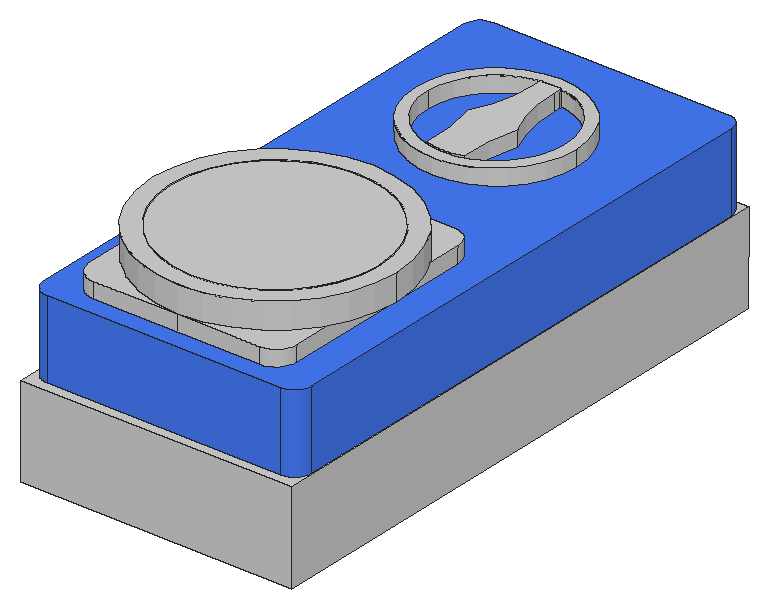
Revit family "Building-ConnessioniIEC309-GEWISS-67IB-PRESE-INTERBLOCCATE_IP67_CON_FONDO_MOD", category Apparecchi elettrici, host Superficie, Revit 2019
Family settings
  Host = Superficie
  Mantenere orientamento annotazione = Sì
  Quota connettore circolare = Usa diametro
  Tipo di parte = Normale
  Taglio con vuoti quando caricato = Sì
  Condiviso = Sì
  Punto di calcolo locali = Sì
Parameters (values of type "GW66070N - PR.BL.IP67 C.F.3P+N+T 32A 400V 6H MT60C")
  presa = Grigio RAL - 7035
  giallo = 0 mm
  dist_piano [instance] = 75 mm
  Vista_2d_pianta [instance] = yes
  Versione file RFA = "21.4"
  URL = "https://www.gewiss.com/it/it"
  Tipologia = "Verticale"
  Termopressione con biglia = "125 °C (Presa IB) - 80 °C (Cassetta di fondo)"
  Tensione nominale: = "380 - 415 V"
  Tensione nominale = "380 - 415 V"
  Temperatura di utilizzo = "-25 +40 °C"
  Temperatura di funzionamento = "-25 ÷ +40 °C"
  Struttura = Grigio RAL - 7035
  Simbolo presa = PRESAINDSTAGNA : 3P
  Simbolo [instance] = yes
  Simb_circuito [instance] = not(Simbolo)  # no
  Scheda Tecnica = "https://www.gewiss.com/it/it/search?q=GW66070N"
  SEO = "Presa"
  Riferimento h = "6"
  Resistenza agli urti = "IK08"
  Protezione = "Magnetotermico"
  Default Elevation = 1219.2 mm
  Produttore = "GEWISS S.p.A."
  Numero di poli = "3P+N+T"
  N. poli = "3P+N+T"
  Modello = "GW66070N"
  Interruttore = "MT 6 kA Curva C"
  Immagine tipo = B.jpg
  IDT = "eae14658-a5a4-4161-b788-45d16122de7f"
  IDF = "c5cc221d-f519-4b81-87c7-1bbe18b35f3f"
  Grado di protezione = "IP67"
  Glow wire test: = "850 °C (Presa IB) - 650 °C (Cassetta di fondo)"
  Glow Wire Test = "850 °C (Presa IB) - 650 °C (Cassetta di fondo)"
  Frequenza nominale (Hz) = "50/60 Hz"
  Frequenza = "50/60 Hz"
  Distanza x [instance] = 500 mm
  Distanza orizzontale simbolo [instance] = 0 mm
  Distanza effettiva x [instance] = 1500 mm - Distanza x  # 1000 mm
  Descrizione = "PR.BL.IP67 C.F.3P+N+T 32A 400V 6H MT60C"
  Creato da GEWISS S.p.A. = ""
  Corrente nominale (In) = "32"
  Corrente nominale (A) = "32"
  Corpo presa = Light Blue
  Cornice simbolo [instance] = yes
  Con fondo = "Si"
  Colore: = "Rosso"
  Colore = "Rosso"
  Codice Electrocod = "2222"
  Codice EAN = "8011564740952"
  Catalogo Serie = "67 IB"
  Catalogo = "BUILDING"
  COBie.Tagnumber = ""
  COBie.CreatedOn = ""
  COBie.CreatebBy = ""
  COBie.ComponentRegisterItemID = ""
  COBie.Component.TagNumber = ""
  COBie.Component.Space = ""
  COBie.Component.SerialNumber = ""
  COBie.Component.InstallationDate = ""
  COBie.Component.Description = ""
  COBie.Component.BarCode = ""
Types (18, lengths in mm): name | Tensione nominale: | Tensione nominale | Scheda Tecnica | Riferimento h | Numero di poli | N. poli | Modello | IDT | Descrizione | Corrente nominale (In) | Corrente nominale (A) | Colore: | Colore | Codice EAN
  GW66051N - PR.BL IP67 C.F.2P+T 16A 110V 4H MT60C | "100 - 130 V" | "100 - 130 V" | "https://www.gewiss.com/it/it/search?q=GW66051N" | "4" | "2P+T" | "2P+T" | "GW66051N" | "87d04e1b-f7e5-4094-b5c2-9ca53027c50a" | "PR.BL IP67 C.F.2P+T 16A 110V 4H MT60C" | "16" | "16" | "Giallo" | "Giallo" | "8011564740815"
  GW66052N - PR.BL IP67 C.F.3P+T 16A 110V 4H MT60C | "100 - 130 V" | "100 - 130 V" | "https://www.gewiss.com/it/it/search?q=GW66052N" | "4" | "3P+T" | "3P+T" | "GW66052N" | "bf19c064-ab50-4bd1-92be-40de100c7f9f" | "PR.BL IP67 C.F.3P+T 16A 110V 4H MT60C" | "16" | "16" | "Giallo" | "Giallo" | "8011564740822"
  GW66053N - PR.BL IP67 C.F.3P+N+T 16A 110V 4H MT60C | "100 - 130 V" | "100 - 130 V" | "https://www.gewiss.com/it/it/search?q=GW66053N" | "4" | "3P+N+T" | "3P+N+T" | "GW66053N" | "536f4278-9b65-4c90-9f9e-90d02d8aab6c" | "PR.BL IP67 C.F.3P+N+T 16A 110V 4H MT60C" | "16" | "16" | "Giallo" | "Giallo" | "8011564740839"
  GW66054N - PR.BL IP67 C.F.2P+T 16A 230V 6H MT60C | "200 - 250 V" | "200 - 250 V" | "https://www.gewiss.com/it/it/search?q=GW66054N" | "6" | "2P+T" | "2P+T" | "GW66054N" | "61d25caf-b2fd-4eff-8411-d4468cdd72de" | "PR.BL IP67 C.F.2P+T 16A 230V 6H MT60C" | "16" | "16" | "Blu" | "Blu" | "8011564742482"
  GW66055N - PR.BL IP67 C.F.3P+T 16A 230V 9H MT60C | "200 - 250 V" | "200 - 250 V" | "https://www.gewiss.com/it/it/search?q=GW66055N" | "9" | "3P+T" | "3P+T" | "GW66055N" | "c68ce994-0fb5-4657-9d0d-49d482dddc51" | "PR.BL IP67 C.F.3P+T 16A 230V 9H MT60C" | "16" | "16" | "Blu" | "Blu" | "8011564740846"
  GW66056N - PR.BL IP67 C.F.3P+N+T 16A 230V 9H MT60C | "200 - 250 V" | "200 - 250 V" | "https://www.gewiss.com/it/it/search?q=GW66056N" | "9" | "3P+N+T" | "3P+N+T" | "GW66056N" | "7bc7542e-575d-46ef-9475-ef8baeef1be1" | "PR.BL IP67 C.F.3P+N+T 16A 230V 9H MT60C" | "16" | "16" | "Blu" | "Blu" | "8011564740853"
  GW66057N - PR.BL IP67 C.F.2P+T 16A 400V 9H MT60C | "380 - 415 V" | "380 - 415 V" | "https://www.gewiss.com/it/it/search?q=GW66057N" | "9" | "2P+T" | "2P+T" | "GW66057N" | "4ac2bd40-f314-455a-bf3b-f56d24c365cb" | "PR.BL IP67 C.F.2P+T 16A 400V 9H MT60C" | "16" | "16" | "Rosso" | "Rosso" | "8011564740860"
  GW66058N - PR.BL IP67 C.F.3P+T 16A 400V 6H MT60C | "380 - 415 V" | "380 - 415 V" | "https://www.gewiss.com/it/it/search?q=GW66058N" | "6" | "3P+T" | "3P+T" | "GW66058N" | "a460cbdb-6b9f-4513-baec-a41637247581" | "PR.BL IP67 C.F.3P+T 16A 400V 6H MT60C" | "16" | "16" | "Rosso" | "Rosso" | "8011564740877"
  GW66059N - PR.BL IP67 C.F.3P+N+T 16A 400V 6H MT60C | "380 - 415 V" | "380 - 415 V" | "https://www.gewiss.com/it/it/search?q=GW66059N" | "6" | "3P+N+T" | "3P+N+T" | "GW66059N" | "cb130341-b395-4e1b-bc5d-08cb7028fcae" | "PR.BL IP67 C.F.3P+N+T 16A 400V 6H MT60C" | "16" | "16" | "Rosso" | "Rosso" | "8011564742499"
  GW66062N - PR.BL IP67 C.F.2P+T 32A 110V 4H MT60C | "100 - 130 V" | "100 - 130 V" | "https://www.gewiss.com/it/it/search?q=GW66062N" | "4" | "2P+T" | "2P+T" | "GW66062N" | "cf3ec19e-f987-42a9-a4ff-6911af50df66" | "PR.BL IP67 C.F.2P+T 32A 110V 4H MT60C" | "32" | "32" | "Giallo" | "Giallo" | "8011564740884"
  GW66063N - PR.BL IP67 C.F.3P+T 32A 110V 4H MT60C | "100 - 130 V" | "100 - 130 V" | "https://www.gewiss.com/it/it/search?q=GW66063N" | "4" | "3P+T" | "3P+T" | "GW66063N" | "3bfe9993-c6dc-46c3-9181-fecf8d7cce34" | "PR.BL IP67 C.F.3P+T 32A 110V 4H MT60C" | "32" | "32" | "Giallo" | "Giallo" | "8011564740891"
  GW66064N - PR.BL IP67 C.F.3P+N+T 32A 110V 4H MT60C | "100 - 130 V" | "100 - 130 V" | "https://www.gewiss.com/it/it/search?q=GW66064N" | "4" | "3P+N+T" | "3P+N+T" | "GW66064N" | "7f1fffce-0cf5-4543-a79d-c2f5dc44988c" | "PR.BL IP67 C.F.3P+N+T 32A 110V 4H MT60C" | "32" | "32" | "Giallo" | "Giallo" | "8011564740907"
  GW66065N - PR.BL IP67 C.F.2P+T 32A 230V 6H MT60C | "200 - 250 V" | "200 - 250 V" | "https://www.gewiss.com/it/it/search?q=GW66065N" | "6" | "2P+T" | "2P+T" | "GW66065N" | "5840542a-e267-45ad-84cd-7d253291c11d" | "PR.BL IP67 C.F.2P+T 32A 230V 6H MT60C" | "32" | "32" | "Blu" | "Blu" | "8011564742505"
  GW66066N - PR.BL IP67 C.F.3P+T 32A 230V 9H MT60C | "200 - 250 V" | "200 - 250 V" | "https://www.gewiss.com/it/it/search?q=GW66066N" | "9" | "3P+T" | "3P+T" | "GW66066N" | "6ac160d7-7fbe-4907-bf0f-8589472c9dc7" | "PR.BL IP67 C.F.3P+T 32A 230V 9H MT60C" | "32" | "32" | "Blu" | "Blu" | "8011564740914"
  GW66067N - PR.BL IP67 C.F.3P+N+T 32A 230V 9H MT60C | "200 - 250 V" | "200 - 250 V" | "https://www.gewiss.com/it/it/search?q=GW66067N" | "9" | "3P+N+T" | "3P+N+T" | "GW66067N" | "55b2b8a1-7fd5-4e69-b5ad-ac24cd4e6bce" | "PR.BL IP67 C.F.3P+N+T 32A 230V 9H MT60C" | "32" | "32" | "Blu" | "Blu" | "8011564740921"
  GW66068N - PR.BL IP67 C.F.2P+T 32A 400V 9H MT60C | "380 - 415 V" | "380 - 415 V" | "https://www.gewiss.com/it/it/search?q=GW66068N" | "9" | "2P+T" | "2P+T" | "GW66068N" | "ee4ed8af-f281-47e4-b117-2944c3166d29" | "PR.BL IP67 C.F.2P+T 32A 400V 9H MT60C" | "32" | "32" | "Rosso" | "Rosso" | "8011564740938"
  GW66069N - PR.BL IP67 C.F.3P+T 32A 400V 6H MT60C | "380 - 415 V" | "380 - 415 V" | "https://www.gewiss.com/it/it/search?q=GW66069N" | "6" | "3P+T" | "3P+T" | "GW66069N" | "3b7df102-cc04-4b1a-b8b2-b1c9a0a4c065" | "PR.BL IP67 C.F.3P+T 32A 400V 6H MT60C" | "32" | "32" | "Rosso" | "Rosso" | "8011564740945"
  GW66070N - PR.BL.IP67 C.F.3P+N+T 32A 400V 6H MT60C | "380 - 415 V" | "380 - 415 V" | "https://www.gewiss.com/it/it/search?q=GW66070N" | "6" | "3P+N+T" | "3P+N+T" | "GW66070N" | "eae14658-a5a4-4161-b788-45d16122de7f" | "PR.BL.IP67 C.F.3P+N+T 32A 400V 6H MT60C" | "32" | "32" | "Rosso" | "Rosso" | "8011564740952"
Reference planes
  plane 1 "Centro (Fronte/Retro)": y = 0
  plane 2: z = 0
  plane 3 "Centro (Sinistra/Destra)": x = 0
  plane 4: z = -2
  plane 5: x = -500
  plane 6: x = -1500
  plane 7: x = -500
  plane 8: through (-170.762, -4572, -38.353) normal (-0.6157, 0, 0.788)
  plane 9: x = -51.152
  plane 10: x = 53.222
  plane 11: z = 108
  plane 12: y = -110
  plane 13: y = 110
  plane 14: z = 73
  plane 15: z = 155
Forms (mm)
  Extrusion 1, solid, detail levels coarse
    sketch origin (0, 0, 0) x (1, 0, 0) y (0, 0, 1)
      loop
        line (-51.152, 155) -> (-51.152, 73) -> (53.222, 73) -> (53.222, 155) -> (-51.152, 155)
    from -108.895 to 109.105
  Extrusion 2, solid, material "Grigio RAL - 7035" <- "Struttura"
    sketch origin (0, 0, 0) x (0, 1, 0) y (0, 0, 1)
      loop
        line (-110, 73) -> (110, 73) -> (110, 108) -> (-110, 108) -> (-110, 73)
    from -51.152 to 53.222
Lines and regions (mm)
  Masking region 1, visible <- "Vista_2d_pianta"
    outline origin (0, 0, 0) x (1, 0, 0) y (0, 0, 1)
      loop
        line (-50.384, 138) -> (-50.384, 108) -> (52.616, 108) -> (52.616, 138) -> (-50.384, 138)
  Masking region 2, visible <- "Vista_2d_pianta"
    outline origin (0, 0, 0) x (1, 0, 0) y (0, 0, 1)
      loop
        line (-40, 144) -> (-40, 138) -> (40, 138) -> (40, 144) -> (-40, 144)
  Masking region 3, visible <- "Vista_2d_pianta"
    outline origin (0, 0, 0) x (1, 0, 0) y (0, 0, 1)
      loop
        line (-46.899, 144) -> (46.899, 144) -> (46.899, 154) -> (-46.899, 154) -> (-46.899, 144)
  Masking region 4, visible <- "Vista_2d_pianta"
    outline origin (0, 0, 0) x (1, 0, 0) y (0, 0, 1)
      loop
        line (-51.152, 73) -> (53.222, 73) -> (53.222, 108) -> (-51.152, 108) -> (-51.152, 73)
Dimensions and locks
  locked: plane 2 to plane 4 at 2
  "Distanza effettiva x": plane 5 to plane 6
  plane 3 "Centro (Sinistra/Destra)" to plane 6 = 1500 mm
  plane 6 to plane 5 = 1000 mm
  "Distanza effettiva x": plane 6 to plane 7
  locked: plane 9 to Masking region 1 at 0.768
  locked: Masking region 1 to plane 10 at 0.606
  "dist_piano": plane 14 to plane 4
  equal spacing: plane 12, plane 1 "Centro (Fronte/Retro)", plane 13
  locked: plane 12 to plane 13 at 220
  locked: plane 11 to plane 14 at 35
  locked: plane 15 to plane 11 at 47
  angle plane 8 to plane 4 = 142.00°
  angle plane 7 to plane 8 = 128.00°
  aligned and locked: plane 2 to host face
  aligned and locked: level to host face
  aligned and locked: plane 3 "Centro (Sinistra/Destra)" to nested 1
  aligned and locked: Masking region 1 sketch curve to nested 1  (x4)
  aligned and locked: Masking region 2 sketch curve to nested 1  (x4)
  aligned and locked: plane 9 to Extrusion 1 sketch curve
  aligned and locked: plane 10 to Extrusion 1 sketch curve
  aligned and locked: nested 1 to plane 11
  aligned and locked: Masking region 3 sketch curve to nested 1  (x4)
  aligned and locked: Extrusion 2 sketch curve to plane 14
  aligned and locked: Extrusion 2 sketch curve to plane 12
  aligned and locked: Extrusion 2 sketch curve to plane 11
  aligned and locked: Extrusion 2 sketch curve to plane 13
  aligned and locked: plane 9 to Extrusion 2
  aligned and locked: Extrusion 2 to plane 10
  aligned and locked: Extrusion 1 to plane 14
  aligned and locked: Masking region 4 sketch curve to Extrusion 1
  aligned and locked: Extrusion 1 to Masking region 4 sketch curve
  aligned and locked: Masking region 4 sketch curve to Extrusion 2  (x2)
  aligned and locked: plane 15 to Extrusion 1
  aligned and locked: plane 7 to nested 2
  aligned and locked: plane 7 to nested 3
Automatic sketch dimensions
  host sketch curve to host sketch curve = 2438.4 mm  (x2)
  Extrusion 1 sketch curve to plane 11 = 35 mm
  plane 11 to Extrusion 1 sketch curve = 47 mm
Nested families
  nested 1: "IB PRESE INTERBLOC VERT_NO FONDO" at (0, 0, 108), type "IB PRESE INTERBLOC VERT_NO FONDO", detail levels medium+fine
  nested 2: "simbolo_circuito" at (-500, 30.442, 0), Distanza dal muro <- "Distanza orizzontale simbolo", SIMBOLO ACCESO <- "Simb_circuito", type "3P"
    with SIMBOLO ACCESO no, Distanza dal muro 0 mm, BORDO ACCESO yes
  nested 3: "PRESAINDSTAGNA" at (-500, 23.722, 0), Distanza dal muro <- "Distanza orizzontale simbolo", SIMBOLO ACCESO <- "Simbolo", type "3P"
    with SIMBOLO ACCESO yes, Distanza dal muro 0 mm, BORDO ACCESO yes
Definition of nested family "IB PRESE INTERBLOC VERT_NO FONDO"
  Parameters (values of type "IB PRESE INTERBLOC VERT_NO FONDO")
    corpo presa = none
    Struttura = none
    Spessore = 30 mm
    Raggio = 40 mm
    Default Elevation = 14 mm
    Presa = none
    Lunghezza = 103 mm
    IFC.TypeObject = ""
    IFC.ExportType = ""
    IFC.ExportAs = ""
    H_da terra = 586.883 mm
    COBie.CreatedOn = ""
    COBie.CreatebBy = ""
    COBie.ComponentRegisterItemID = ""
    COBie.Component.TagNumber = ""
    COBie.Component.Space = ""
    COBie.Component.SerialNumber = ""
    COBie.Component.InstallationDate = ""
    COBie.Component.Description = ""
    COBie.Component.BarCode = ""
    Altezza = 220 mm
  Reference planes
    plane 1 "Centro (Fronte/Retro)": y = 0
    plane 2: z = 0
    plane 3 "Centro (Sinistra/Destra)": x = 0
    plane 4: z = 6.883
    plane 5: z = 10.499
    plane 6 "presa": z = 46
    plane 7: z = 36
    plane 8: z = 30
    plane 9: x = -40
    plane 10: x = 40
    plane 11: y = -5.355
    plane 12: y = -98.612
    plane 13: y = -51.359
  Forms (mm)
    Extrusion 1, solid, material <- "Struttura"
      sketch origin (0, -697.104, -30) x (1, 0, 0) y (0, 1, 0)
        loop
          line (-0.408, 691.748) -> (-32.003, 691.748)
          spline (-32.003, 691.748) -> (-33.047, 691.681) -> (-34.073, 691.48) -> (-35.063, 691.148) -> (-36.002, 690.693) -> (-36.871, 690.12) -> (-37.658, 689.441) -> (-38.347, 688.666) -> (-38.929, 687.809) -> (-39.391, 686.885) -> (-39.728, 685.909) -> (-39.932, 684.898) -> (-40, 683.87)
          line (-40, 683.87) -> (-40, 606.37)
          spline (-40, 606.37) -> (-39.932, 605.341) -> (-39.728, 604.331) -> (-39.391, 603.355) -> (-38.929, 602.43) -> (-38.347, 601.574) -> (-37.658, 600.799) -> (-36.871, 600.119) -> (-36.002, 599.547) -> (-35.063, 599.091) -> (-34.073, 598.76) -> (-33.047, 598.559) -> (-32.003, 598.491)
          line (-32.003, 598.491) -> (0, 598.491) -> (32.003, 598.491)
          spline (32.003, 598.491) -> (33.047, 598.559) -> (34.073, 598.76) -> (35.063, 599.091) -> (36.002, 599.547) -> (36.871, 600.119) -> (37.658, 600.799) -> (38.347, 601.574) -> (38.929, 602.43) -> (39.391, 603.355) -> (39.728, 604.331) -> (39.932, 605.341) -> (40, 606.37)
          line (40, 606.37) -> (40, 683.87)
          spline (40, 683.87) -> (39.932, 684.898) -> (39.728, 685.909) -> (39.391, 686.885) -> (38.929, 687.809) -> (38.347, 688.666) -> (37.658, 689.441) -> (36.871, 690.12) -> (36.002, 690.693) -> (35.063, 691.148) -> (34.073, 691.48) -> (33.047, 691.681) -> (32.003, 691.748)
          line (32.003, 691.748) -> (-0.408, 691.748)
      from 60 to 66
    Extrusion 2, solid, material <- "Presa"
      sketch origin (0, -700.854, -30) x (1, 0, 0) y (0, 1, 0)
        loop
          circle (0, 649.495) r 46.899
        loop
          circle (0, 649.495) r 40
      from 66 to 76
    Extrusion 3, solid, material <- "Struttura"
      sketch origin (0, -697.104, -30) x (1, 0, 0) y (0, 1, 0)
        loop
          circle (0, 752.384) r 30.831
        loop
          circle (0, 752.384) r 26.483
      from 60 to 66
    Extrusion 4, solid, material <- "Struttura"
      sketch origin (0, -697.104, -30) x (1, 0, 0) y (0, 1, 0)
        loop
          arc (-9.552, 750.899) -> (-7.429, 739.645) -> (-7.314, 728.193) r 64.983
          arc (-7.314, 728.193) -> (-0.131, 727.067) -> (7.064, 728.115) r 24.316
          arc (7.064, 728.115) -> (7.302, 739.566) -> (9.547, 750.796) r 64.983
          arc (9.547, 750.796) -> (5.519, 762.425) -> (4.215, 774.661) r 54.251
          line (4.215, 774.661) -> (4.25, 777.658)
          arc (4.25, 777.658) -> (3.985, 778.329) -> (3.336, 778.647) r 1
          arc (3.336, 778.647) -> (0.147, 778.794) -> (-3.043, 778.682) r 39.364
          arc (-3.043, 778.682) -> (-3.695, 778.371) -> (-3.967, 777.702) r 1
          line (-3.967, 777.702) -> (-3.964, 774.706)
          arc (-3.964, 774.706) -> (-5.4, 762.483) -> (-9.552, 750.899) r 54.251
      from 60 to 66
    Extrusion 5, solid, material <- "corpo presa"
      sketch origin (-2.5, -699.604, -30) x (1, 0, 0) y (0, 1, 0)
        loop
          arc (55.116, 802.193) -> (53.269, 806.652) -> (48.81, 808.499) r 6.306
          line (48.81, 808.499) -> (-41.578, 808.499)
          arc (-41.578, 808.499) -> (-46.037, 806.652) -> (-47.884, 802.193) r 6.306
          line (-47.884, 802.193) -> (-47.884, 600.052)
          arc (-47.884, 600.052) -> (-45.976, 595.446) -> (-41.369, 593.537) r 6.515
          line (-41.369, 593.537) -> (48.601, 593.537)
          arc (48.601, 593.537) -> (53.208, 595.446) -> (55.116, 600.052) r 6.515
          line (55.116, 600.052) -> (55.116, 802.193)
      from 30 to 60
    Extrusion 6, solid, material <- "Struttura", not visible
      sketch origin (0, 47.014, -580) x (1, 0, 0) y (0, 0, 1)
        loop
          line (-0.408, 691.748) -> (-29.506, 691.748)
          spline (-29.506, 691.748) -> (-30.55, 691.681) -> (-31.576, 691.48) -> (-32.567, 691.148) -> (-33.505, 690.693) -> (-34.375, 690.12) -> (-35.161, 689.441) -> (-35.851, 688.666) -> (-36.432, 687.809) -> (-36.895, 686.885) -> (-37.231, 685.909) -> (-37.435, 684.898) -> (-37.503, 683.87)
          line (-37.503, 683.87) -> (-37.503, 615.12)
          spline (-37.503, 615.12) -> (-37.435, 614.091) -> (-37.231, 613.081) -> (-36.895, 612.105) -> (-36.432, 611.18) -> (-35.851, 610.324) -> (-35.161, 609.549) -> (-34.375, 608.869) -> (-33.505, 608.297) -> (-32.567, 607.841) -> (-31.576, 607.51) -> (-30.55, 607.309) -> (-29.506, 607.241)
          line (-29.506, 607.241) -> (0, 607.241) -> (29.506, 607.241)
          spline (29.506, 607.241) -> (30.55, 607.309) -> (31.576, 607.51) -> (32.567, 607.841) -> (33.505, 608.297) -> (34.375, 608.869) -> (35.161, 609.549) -> (35.851, 610.324) -> (36.432, 611.18) -> (36.895, 612.105) -> (37.231, 613.081) -> (37.435, 614.091) -> (37.503, 615.12)
          line (37.503, 615.12) -> (37.503, 683.87)
          spline (37.503, 683.87) -> (37.435, 684.898) -> (37.231, 685.909) -> (36.895, 686.885) -> (36.432, 687.809) -> (35.851, 688.666) -> (35.161, 689.441) -> (34.375, 690.12) -> (33.505, 690.693) -> (32.567, 691.148) -> (31.576, 691.48) -> (30.55, 691.681) -> (29.506, 691.748)
          line (29.506, 691.748) -> (-0.408, 691.748)
      from 51.991 to 55.821
    Extrusion 7, solid, material <- "Presa", not visible
      sketch origin (0, 47.014, -580) x (1, 0, 0) y (0, 0, 1)
        loop
          circle (0, 646.456) r 46.899
      from 55.821 to 62.709
    Extrusion 8, solid, material <- "Struttura", not visible
      sketch origin (0, 47.014, -580) x (1, 0, 0) y (0, 0, 1)
        loop
          circle (0, 752.384) r 30.831
        loop
          circle (0, 752.384) r 26.483
      from 51.991 to 62.709
    Extrusion 9, solid, material <- "Struttura", not visible
      sketch origin (0, 47.014, -580) x (1, 0, 0) y (0, 0, 1)
        loop
          arc (-9.552, 750.899) -> (-7.429, 739.645) -> (-7.314, 728.193) r 64.983
          arc (-7.314, 728.193) -> (-0.131, 727.067) -> (7.064, 728.115) r 24.316
          arc (7.064, 728.115) -> (7.302, 739.566) -> (9.547, 750.796) r 64.983
          arc (9.547, 750.796) -> (5.519, 762.425) -> (4.215, 774.661) r 54.251
          line (4.215, 774.661) -> (4.25, 777.658)
          arc (4.25, 777.658) -> (3.985, 778.329) -> (3.336, 778.647) r 1
          arc (3.336, 778.647) -> (0.147, 778.794) -> (-3.043, 778.682) r 39.364
          arc (-3.043, 778.682) -> (-3.695, 778.371) -> (-3.967, 777.702) r 1
          line (-3.967, 777.702) -> (-3.964, 774.706)
          arc (-3.964, 774.706) -> (-5.4, 762.483) -> (-9.552, 750.899) r 54.251
      from 51.991 to 62.709
    Extrusion 10, solid, material <- "corpo presa", not visible
      sketch origin (0, 47.014, -580) x (1, 0, 0) y (0, 0, 1)
        loop
          arc (47.884, 796.962) -> (46.037, 801.42) -> (41.578, 803.267) r 6.306
          line (41.578, 803.267) -> (-41.578, 803.267)
          arc (-41.578, 803.267) -> (-46.037, 801.42) -> (-47.884, 796.962) r 6.306
          line (-47.884, 796.962) -> (-47.884, 597.014)
          arc (-47.884, 597.014) -> (-45.976, 592.407) -> (-41.369, 590.499) r 6.515
          line (-41.369, 590.499) -> (41.369, 590.499)
          arc (41.369, 590.499) -> (45.976, 592.407) -> (47.884, 597.014) r 6.515
          line (47.884, 597.014) -> (47.884, 796.962)
      from 30 to 51.991
    Extrusion 11, solid, material <- "Struttura"
      sketch origin (1.116, -3.75, 0) x (1, 0, 0) y (0, 1, 0)
        loop
          circle (-1.116, -47.609) r 40
      from 36 to 46
  Lines and regions (mm)
    symbolic lines
      curve 1: line (0, 0, 46) -> (0, -106.066, 46)
      curve 2: line (-40, -51.359, 46) -> (40, -51.359, 46)
  Dimensions and locks
    locked: plane 5 to plane 4 at 3.616
    Extrusion 5 sketch curve to Extrusion 5 sketch curve = 103 mm
    plane 6 "presa" to plane 2 = 46 mm
    locked: plane 7 to plane 6 "presa" at 10
    plane 8 to plane 2 = 30 mm
    locked: plane 8 to plane 7 at 6
    equal spacing: plane 9, plane 3 "Centro (Sinistra/Destra)", plane 10
    locked: plane 9 to plane 10 at 80
    Extrusion 1 to Extrusion 1 = 93.257 mm
    "Raggio": radius of Extrusion 11 sketch curve
    "Raggio": radius of Extrusion 2 sketch curve
    aligned and locked: level to plane 2
    aligned and locked: Extrusion 3 to Extrusion 5
    aligned and locked: Extrusion 4 to Extrusion 3
    aligned and locked: Extrusion 3 to Extrusion 4
    aligned and locked: Extrusion 2 to Extrusion 1
    aligned and locked: Extrusion 5 to level
    aligned and locked: plane 6 "presa" to Extrusion 2
    aligned and locked: Extrusion 11 to Extrusion 1
    aligned and locked: plane 6 "presa" to Extrusion 11
    aligned and locked: Extrusion 1 to plane 7
    aligned and locked: Extrusion 5 to plane 8
    aligned and locked: plane 8 to Extrusion 1
    aligned and locked: Extrusion 3 to plane 7
    aligned and locked: curve 1 to plane 3 "Centro (Sinistra/Destra)"
    aligned and locked: Extrusion 1 sketch curve to plane 9
    aligned and locked: Extrusion 1 sketch curve to plane 10
    aligned and locked: plane 12 to Extrusion 1 sketch curve
    aligned and locked: curve 2 to plane 13
    aligned and locked: plane 3 "Centro (Sinistra/Destra)" to Extrusion 11 sketch curve
    aligned and locked: plane 13 to Extrusion 11 sketch curve
  Automatic sketch dimensions
    Extrusion 1 sketch curve to plane 3 "Centro (Sinistra/Destra)" = 0 mm
    Extrusion 1 sketch curve to plane 3 "Centro (Sinistra/Destra)" = 0.408 mm
    Extrusion 1 sketch curve to Extrusion 1 sketch curve = 32.003 mm
    plane 1 "Centro (Fronte/Retro)" to Extrusion 1 sketch curve = 5.355 mm
    Extrusion 1 sketch curve to Extrusion 1 sketch curve = 7.997 mm  (x2)
    plane 3 "Centro (Sinistra/Destra)" to Extrusion 1 sketch curve = 32.003 mm
    Extrusion 1 sketch curve to Extrusion 1 sketch curve = 7.878 mm  (x3)
    Extrusion 3 sketch curve to Extrusion 3 sketch curve = 0 mm  (x2)
    Extrusion 3 sketch curve to plane 3 "Centro (Sinistra/Destra)" = 0 mm
    Extrusion 3 sketch curve to plane 1 "Centro (Fronte/Retro)" = 55.28 mm
    Extrusion 4 sketch curve to plane 3 "Centro (Sinistra/Destra)" = 0 mm
    Extrusion 4 sketch curve to plane 3 "Centro (Sinistra/Destra)" = 0.064 mm
    Extrusion 4 sketch curve to plane 3 "Centro (Sinistra/Destra)" = 2.967 mm
    Extrusion 4 sketch curve to Extrusion 4 sketch curve = 0.997 mm
    Extrusion 4 sketch curve to Extrusion 4 sketch curve = 1 mm  (x2)
    Extrusion 4 sketch curve to Extrusion 4 sketch curve = 54.251 mm
    Extrusion 4 sketch curve to Extrusion 4 sketch curve = 13.883 mm
    plane 3 "Centro (Sinistra/Destra)" to Extrusion 4 sketch curve = 3.25 mm
    Extrusion 4 sketch curve to Extrusion 4 sketch curve = 0.965 mm
    Extrusion 4 sketch curve to Extrusion 4 sketch curve = 54.25 mm
    Extrusion 4 sketch curve to Extrusion 4 sketch curve = 13.435 mm
    Extrusion 4 sketch curve to plane 1 "Centro (Fronte/Retro)" = 35.393 mm
    Extrusion 4 sketch curve to plane 1 "Centro (Fronte/Retro)" = 36.167 mm
    Extrusion 4 sketch curve to plane 1 "Centro (Fronte/Retro)" = 42.327 mm
    Extrusion 4 sketch curve to Extrusion 4 sketch curve = 11.953 mm
    Extrusion 4 sketch curve to Extrusion 4 sketch curve = 41.757 mm
    Extrusion 4 sketch curve to Extrusion 4 sketch curve = 23.278 mm
    Extrusion 4 sketch curve to Extrusion 4 sketch curve = 0.044 mm
    Extrusion 4 sketch curve to Extrusion 4 sketch curve = 41.61 mm
    Extrusion 4 sketch curve to Extrusion 4 sketch curve = 2.99 mm
    Extrusion 4 sketch curve to Extrusion 4 sketch curve = 0.007 mm
    Extrusion 4 sketch curve to Extrusion 4 sketch curve = 2.979 mm
    Extrusion 4 sketch curve to Extrusion 4 sketch curve = 0.018 mm
    Extrusion 4 sketch curve to Extrusion 4 sketch curve = 0 mm
    Extrusion 4 sketch curve to plane 3 "Centro (Sinistra/Destra)" = 7.314 mm
    Extrusion 4 sketch curve to Extrusion 4 sketch curve = 9.552 mm
    plane 3 "Centro (Sinistra/Destra)" to Extrusion 4 sketch curve = 7.064 mm
    Extrusion 5 sketch curve to plane 3 "Centro (Sinistra/Destra)" = 50.384 mm
    Extrusion 5 sketch curve to Extrusion 5 sketch curve = 6.306 mm  (x2)
    Extrusion 5 sketch curve to Extrusion 5 sketch curve = 6.515 mm  (x2)
    Extrusion 5 sketch curve to plane 1 "Centro (Fronte/Retro)" = 102.59 mm
    Extrusion 1 sketch curve to plane 12 = 7.878 mm
    plane 12 to Extrusion 5 sketch curve = 0.939 mm
    plane 1 "Centro (Fronte/Retro)" to curve 1 = 0 mm
    curve 2 to plane 9 = 0 mm
    curve 2 to plane 10 = 0 mm
    plane 12 to curve 1 = 7.454 mm
    Extrusion 2 sketch curve to Extrusion 2 sketch curve = 0 mm  (x2)
    Extrusion 2 sketch curve to plane 3 "Centro (Sinistra/Destra)" = 0 mm
    Extrusion 2 sketch curve to plane 13 = 0 mm
    radius of Extrusion 3 sketch curve = 30.831 mm
    radius of Extrusion 3 sketch curve = 26.483 mm
    radius of Extrusion 2 sketch curve = 46.899 mm
Definition of nested family "simbolo_circuito"
  Parameters (values of type "3P")
    SIMBOLO ACCESO [instance] = yes
    SIMBOLO = PRESAINDSTAGNA_BASE : 3P
    Distanza dal muro [instance] = 0 mm
    BORDO ACCESO [instance] = yes
  Reference planes
    plane 1: y = 0
    plane 2: x = 0
  Dimensions and locks
    "Distanza dal muro": plane 1 to nested 1
    aligned and locked: plane 2 to nested 1
  Nested families
    nested 1: "simb_base_di circuito" at (0, 0, 0), visible <- "SIMBOLO ACCESO", type "3P"
      with CORNICE SIMBOLO yes
  Definition of nested family "simb_base_di circuito"
    Parameters (values of type "3P")
      CORNICE SIMBOLO [instance] = yes
      3P = yes
    Types (2, lengths in mm): name | 3P
      3P | yes
      2P | no
    Reference planes
      plane 1: y = 0
      plane 2: x = 0
    Lines and regions (mm)
      detail lines, not visible
        curve 1: line (-2.443, 10.208, 0) -> (2.057, 10.208, 0)
        curve 2: line (2.057, 10.208, 0) -> (2.057, 4.208, 0)
        curve 3: line (2.057, 4.208, 0) -> (-2.443, 4.208, 0)
        curve 4: line (-2.443, 4.208, 0) -> (-2.443, 10.208, 0)
        curve 5: line (-2.043, 9.808, 0) -> (1.657, 9.808, 0)
        curve 6: line (1.657, 9.808, 0) -> (1.657, 4.608, 0)
        curve 7: line (1.657, 4.608, 0) -> (-2.043, 4.608, 0)
        curve 8: line (-2.043, 4.608, 0) -> (-2.043, 9.808, 0)
    Dimensions and locks
      aligned and locked: import instance to plane 2
      aligned and locked: plane 1 to import instance
Definition of nested family "PRESAINDSTAGNA"
  Parameters (values of type "3P")
    SIMBOLO ACCESO [instance] = yes
    SIMBOLO = PRESAINDSTAGNA_BASE : 3P
    Distanza dal muro [instance] = 0 mm
    BORDO ACCESO [instance] = yes
  Types (2): name
    2P
    3P
  Reference planes
    plane 1: y = 0
    plane 2: x = 0
  Dimensions and locks
    "Distanza dal muro": plane 1 to nested 1
    aligned and locked: plane 2 to nested 1
  Nested families
    nested 1: "PRESAINDSTAGNA_BASE" at (0, 0, 0), type <- "SIMBOLO", CORNICE SIMBOLO <- "BORDO ACCESO", visible <- "SIMBOLO ACCESO", type "3P"
  Definition of nested family "PRESAINDSTAGNA_BASE"
    Parameters (values of type "3P")
      CORNICE SIMBOLO [instance] = yes
      3P = yes
    Types (2, lengths in mm): name | 3P
      3P | yes
      2P | no
    Reference planes
      plane 1: y = 0
      plane 2: x = 0
    Lines and regions (mm)
      detail lines, not visible
        curve 1: line (-2.443, 10.208, 0) -> (2.057, 10.208, 0)
        curve 2: line (2.057, 10.208, 0) -> (2.057, 4.208, 0)
        curve 3: line (2.057, 4.208, 0) -> (-2.443, 4.208, 0)
        curve 4: line (-2.443, 4.208, 0) -> (-2.443, 10.208, 0)
        curve 5: line (-2.043, 9.808, 0) -> (1.657, 9.808, 0)
        curve 6: line (1.657, 9.808, 0) -> (1.657, 4.608, 0)
        curve 7: line (1.657, 4.608, 0) -> (-2.043, 4.608, 0)
        curve 8: line (-2.043, 4.608, 0) -> (-2.043, 9.808, 0)
      detail lines
        curve 9: line (-0.333, 0.928, 0) -> (-0.05, 0.928, 0)
        curve 10: line (-0.05, 0.928, 0) -> (0.417, 1.737, 0)
        curve 11: line (0.417, 1.737, 0) -> (0.764, 1.537, 0)
        curve 12: line (-0.05, 0.928, 0) -> (-0.333, 0.437, 0)
        curve 13: line (-0.333, 0.437, 0) -> (-0.333, 2.059, 0)
        curve 14: line (0.222, 1.399, 0) -> (0.569, 1.199, 0)
        curve 15: line (-0.723, 0.437, 0) -> (0.057, 0.437, 0)
        curve 16: line (-0.333, 0.81, 0) -> (-0.216, 0.928, 0)
        curve 17: line (-0.333, 0.741, 0) -> (-0.147, 0.928, 0)
        curve 18: line (-0.333, 0.672, 0) -> (-0.078, 0.928, 0)
        curve 19: line (-0.333, 0.603, 0) -> (-0.106, 0.831, 0)
        curve 20: line (-0.333, 0.534, 0) -> (-0.2, 0.668, 0)
        curve 22: arc (-0.723, 0.047, 0) -> (-0.333, 0.437, 0) -> (0.057, 0.047, 0) r 0.39
        curve 23: line (-0.8, 2.1, 0) -> (0.8, 2.1, 0)
        curve 24: line (-0.8, 0, 0) -> (-0.8, 2.1, 0)
        curve 25: line (0.8, 0, 0) -> (-0.8, 0, 0)
        curve 26: line (0.8, 2.1, 0) -> (0.8, 0, 0)
      detail lines, visible <- "3P"
        curve 21: line (0.028, 1.061, 0) -> (0.374, 0.861, 0)
